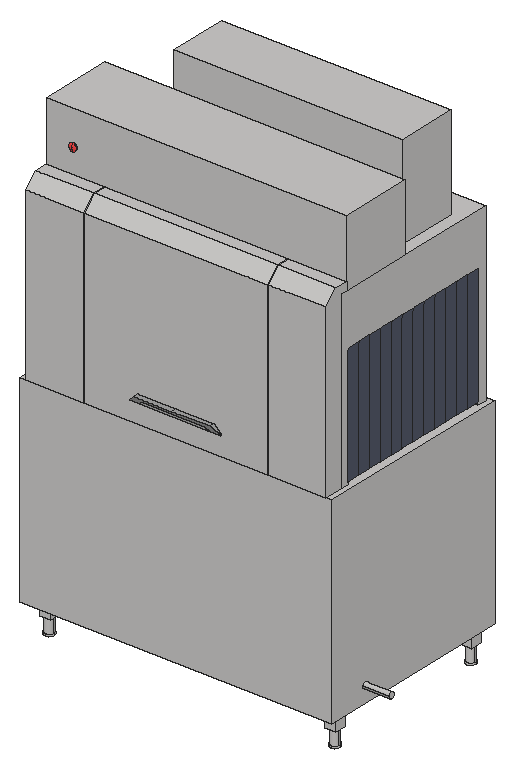
Revit family "QF_ELECTROLUXPROFESSIONAL_520616_ESR20ER3", category Specialty Equipment, Revit 2018
Family settings
  Round Connector Dimension = Use Diameter
  Part Type = Normal
  Work Plane-Based = No
  Always vertical = Yes
  Cut with Voids When Loaded = No
  Shared = No
  Room Calculation Point = No
Parameters (values of type "Standard")
  Weight = 258.00 kg
  Watts = 0 W
  Volts = 220 V
  URL Manufacturer = "http://professional.electrolux.com"
  URL = "http://professional.electrolux.com"
  Steam Supply Size = 0 mm
  Steam Supply Minimum Pressure = 0.0 Pa
  Steam Supply Maximum Pressure = 0.0 Pa
  Steam Pounds per Hour = 0
  Show Clearance [instance] = yes
  Refrigeration Suction Line Size = 0 mm
  Refrigeration Liquid Line Size = 0 mm
  Refrigerant Compressor Remote = yes
  Manufacturer = "Electrolux Professional"
  Phase = 3
  Model = "ESR20ER3"
  Length Actual = 1148 mm  # constant formula
  L_R [instance] = yes
  Item Number = "520616"
  Hot Water Size = 0 mm
  Height Actual = 1846 mm  # constant formula
  HP = "37.5 HP"
  Gas Size = 0 mm
  Gas KW = 0
  Gas Input Pressure = 0 W
  Direct Waste Size = 50.8 mm
  Description = "SINGLE RINSE RACK TYPE DISHWASHER,200 RACKS/HOUR,ELECTRIC,R>L,220-240V/60HZ/3"
  Depth Actual = 800 mm  # constant formula
  Cycle = 60 Hz
  Condensate Return Size = 0 mm
  Compressed Air Volume = 0.0 L/s
  Compressed Air Size = 0 mm
  Compressed Air Pressure = 0.0 Pa
  Cold Water Size = 0 mm
  Accessory = yes
Types (2, lengths in mm): name | URL | Manufacturer | Phase | Model | Description
  (no name) | 0 | 0 | 0 | 0 | 0
  Standard | "http://professional.electrolux.com" | "Electrolux Professional" | 3 | "ESR20ER3" | "SINGLE RINSE RACK TYPE DISHWASHER,200 RACKS/HOUR,ELECTRIC,R>L,220-240V/60HZ/3"
Values of the unnamed type that differ from the named types
  Volts = 0 V
  URL Manufacturer = ""
  Item Number = ""
  Cycle = 0 Hz
Reference planes
  plane 1 "Centro (Fronte/Retro)": y = 0
  plane 2: z = 0
  plane 3 "Centro (Sinistra/Destra)": x = 0
  plane 4 "LEFT": x = -574
  plane 5 "RIGHT": x = 574
  plane 6 "BACK": y = 384
  plane 7 "FRONT": y = -384
  plane 8: z = 120
  plane 9: z = 1747
  plane 10: z = 858
  plane 11: z = 1501
  plane 12: z = 1846
  plane 13: x = -526
  plane 14: x = 526
  plane 15: y = -290
  plane 16: y = 336
  plane 17: y = 369
  plane 18: x = -553
  plane 19: x = 553
  plane 20: y = -318
  plane 21: x = -338
  plane 22: x = 338
  plane 23: z = 1308
  plane 24: z = 2000
  plane 25: y = 464
Forms (mm)
  Extrusion 1, solid, material "QF_Finishes_Stainless Steel"
    sketch origin (0, 0, 0) x (1, 0, 0) y (0, 1, 0)
      loop
        line (-574, 384) -> (-574, -364) -> (574, -364) -> (574, 384) -> (-574, 384)
    from 120 to 858
  Extrusion 2, solid, material "QF_Finishes_Stainless Steel"
    sketch origin (0, 0, 0) x (1, 0, 0) y (0, 1, 0)
      loop
        line (-553, 369) -> (-553, -298) -> (553, -298) -> (553, 369) -> (-553, 369)
    from 858 to 1501
  Extrusion 3, solid, material "QF_Finishes_Stainless Steel"
    sketch origin (0, 20, 0) x (0, 1, 0) y (0, 0, 1)
      loop
        line (-384, 858) -> (-318, 858) -> (-318, 1501) -> (-290, 1501) -> (-290, 1531) -> (-340, 1531) -> (-384, 1487) -> (-384, 858)
    from -553 to -338
  Extrusion 4, solid, material "QF_Finishes_Stainless Steel"
    sketch origin (500, 20, 0) x (0, 1, 0) y (0, 0, 1)
      loop
        line (-384, 858) -> (-318, 858) -> (-318, 1501) -> (-290, 1501) -> (-290, 1531) -> (-340, 1531) -> (-384, 1487) -> (-384, 858)
    from -162 to 53
  Extrusion 5, solid, material "QF_Finishes_Stainless Steel"
    sketch origin (540, 20, 0) x (0, 1, 0) y (0, 0, 1)
      loop
        line (-384, 858) -> (-318, 858) -> (-318, 1501) -> (-290, 1501) -> (-290, 1531) -> (-340, 1531) -> (-384, 1487) -> (-384, 858)
    from -878 to -202
  Extrusion 6, solid, material "QF_Finishes_Gray"
    sketch origin (540, -364, 858) x (0, 0, 1) y (-1, 0, 0)
      loop
        line (100, 540) -> (100, 680) -> (71.716, 708.284) -> (71.716, 371.716) -> (100, 400) -> (100, 540)
    from 0 to 20
  Extrusion 7, void
    sketch origin (540, -384, 858) x (0, 0, -1) y (-1, 0, 0)
      loop
        line (-71.716, 670) -> (-85.858, 655.858) -> (-85.858, 540) -> (-85.858, 424.142) -> (-71.716, 410) -> (-71.716, 670)
    from 0 to 15.552
  Extrusion 8, void
    sketch origin (0, 0, 0) x (0, 1, 0) y (0, 0, 1)
      loop
        line (-368.448, 929.716) -> (-384, 958) -> (-384, 929.716) -> (-368.448, 929.716)
    from -266.002 to 250
  Extrusion 9, solid, material "QF_Finishes_Stainless Steel"
    sketch origin (0, 0, 0) x (1, 0, 0) y (0, 1, 0)
      loop
        line (-553, -270) -> (553, -270) -> (553, 0) -> (-553, 0) -> (-553, -270)
    from 1501 to 1747
  Revolve 10, solid, material "QF_Finishes_Red"
    sketch origin (-450, 0, 0) x (0, 1, 0) y (0, 0, 1)
      loop
        line (-270, 1624.5) -> (-270, 1629.5) -> (-275.578, 1629.5) -> (-275.578, 1638.673) -> (-276.708, 1638.673)
        arc (-276.708, 1638.673) -> (-279.647, 1631.859) -> (-280.606, 1624.5) r 26.817
        line (-280.606, 1624.5) -> (-270, 1624.5)
      axis (-270, 1624.5) -> (-280.606, 1624.5)
    angle from 0 to 360
  Extrusion 11, solid, material "QF_Finishes_Stainless Steel"
    sketch origin (0, 0, 0) x (1, 0, 0) y (0, 1, 0)
      loop
        line (509, 42) -> (509, 265) -> (-334, 265) -> (-334, 42) -> (509, 42)
    from 1501 to 1846
  Extrusion 12, void
    sketch origin (-553, -318, 0) x (0, -1, 0) y (0, 0, -1)
      loop
        line (-654, -1308) -> (-53, -1308) -> (-53, -858) -> (-654, -858) -> (-654, -1308)
    from 0 to 1106
  Extrusion 13, solid, material "QF_Finishes_Navy Blue"
    sketch origin (-553, -318, 0) x (0, 1, 0) y (0, 0, -1)
      loop
        line (653, -1308) -> (653, -868) -> (604, -868) -> (604, -1308) -> (653, -1308)
      loop
        line (53, -1308) -> (102, -1308) -> (102, -868) -> (53, -868) -> (53, -1308)
      loop
        line (602, -868) -> (554, -868) -> (554, -1308) -> (602, -1308) -> (602, -868)
      loop
        line (552, -868) -> (504, -868) -> (504, -1308) -> (552, -1308) -> (552, -868)
      loop
        line (502, -868) -> (454, -868) -> (454, -1308) -> (502, -1308) -> (502, -868)
      loop
        line (452, -868) -> (404, -868) -> (404, -1308) -> (452, -1308) -> (452, -868)
      loop
        line (402, -868) -> (354, -868) -> (354, -1308) -> (402, -1308) -> (402, -868)
      loop
        line (352, -868) -> (304, -868) -> (304, -1308) -> (352, -1308) -> (352, -868)
      loop
        line (302, -868) -> (254, -868) -> (254, -1308) -> (302, -1308) -> (302, -868)
      loop
        line (252, -868) -> (204, -868) -> (204, -1308) -> (252, -1308) -> (252, -868)
      loop
        line (202, -868) -> (154, -868) -> (154, -1308) -> (202, -1308) -> (202, -868)
      loop
        line (152, -868) -> (104, -868) -> (104, -1308) -> (152, -1308) -> (152, -868)
    from 0 to -3
  Extrusion 14, solid, material "QF_Finishes_Navy Blue"
    sketch origin (553, -318, 0) x (0, 1, 0) y (0, 0, 1)
      loop
        line (653, 1308) -> (604, 1308) -> (604, 868) -> (653, 868) -> (653, 1308)
      loop
        line (53, 1308) -> (53, 868) -> (102, 868) -> (102, 1308) -> (53, 1308)
      loop
        line (602, 868) -> (602, 1308) -> (554, 1308) -> (554, 868) -> (602, 868)
      loop
        line (552, 868) -> (552, 1308) -> (504, 1308) -> (504, 868) -> (552, 868)
      loop
        line (502, 868) -> (502, 1308) -> (454, 1308) -> (454, 868) -> (502, 868)
      loop
        line (452, 868) -> (452, 1308) -> (404, 1308) -> (404, 868) -> (452, 868)
      loop
        line (402, 868) -> (402, 1308) -> (354, 1308) -> (354, 868) -> (402, 868)
      loop
        line (352, 868) -> (352, 1308) -> (304, 1308) -> (304, 868) -> (352, 868)
      loop
        line (302, 868) -> (302, 1308) -> (254, 1308) -> (254, 868) -> (302, 868)
      loop
        line (252, 868) -> (252, 1308) -> (204, 1308) -> (204, 868) -> (252, 868)
      loop
        line (202, 868) -> (202, 1308) -> (154, 1308) -> (154, 868) -> (202, 868)
      loop
        line (152, 868) -> (152, 1308) -> (104, 1308) -> (104, 868) -> (152, 868)
    from 0 to -3
  Extrusion 15, solid, material "QF_Door-Drawer Clearances", visible <- "Show Clearance", detail levels coarse
    sketch origin (453, -119.301, 494.86) x (0, 1, 0) y (0, 0, 1)
      loop
        line (-178.699, 1036.14) -> (-178.699, 1475.14) -> (-150.699, 1475.14) -> (-150.699, 1505.14) -> (-200.699, 1505.14) -> (-244.699, 1461.14) -> (-244.699, 992.14) -> (-200.699, 1036.14) -> (-178.699, 1036.14)
    from -791 to -115
  Extrusion 16, solid, material "QF_Clearance", visible <- "Show Clearance", detail levels coarse
    sketch origin (0, 0, 0) x (1, 0, 0) y (0, 1, 0)
      loop
        line (-574, 384) -> (574, 384) -> (574, 464) -> (-574, 464) -> (-574, 384)
    from 0 to 1846
  Extrusion 17, solid, material "QF_Finishes_Stainless Steel"
    sketch origin (-553, -318, 0) x (0, 1, 0) y (0, 0, -1)
      loop
        circle (104, -183) r 10
    from 21 to 121
  Extrusion 18, solid, material "QF_Finishes_Stainless Steel"
    sketch origin (553, -318, 0) x (0, 1, 0) y (0, 0, 1)
      loop
        circle (104, 183) r 10
    from 21 to 121
  Extrusion 19, solid, material "QF_Finishes_Stainless Steel"
    sketch origin (487.887, 0, -4.4) x (-1, 0, 0) y (0, 0, 1)
      loop
        circle (943.887, 1646.362) r 10
    from 0 to 35
  Extrusion 20, solid, material "QF_Finishes_Stainless Steel"
    sketch origin (-335, 265, 6.038) x (1, 0, 0) y (0, 0, -1)
      loop
        circle (204, -1740.962) r 10
    from 0 to 10
Cuts and joins
  Extrusion 7, Extrusion 12 cuts Extrusion 2
  Extrusion 7 cuts Extrusion 5
  Extrusion 7, Extrusion 8 cuts Extrusion 6
  Extrusion 12 cuts Extrusion 1
Lines and regions (mm)
  Split face 1
    outline origin (-553, -270, 0) x (1, 0, 0) y (0, 0, 1)
      loop
        line (215, 1501) -> (215, 1747)
      loop
        line (891, 1501) -> (891, 1747)
  Split face 2
    outline origin (-553, -270, 0) x (1, 0, 0) y (0, 0, 1)
      loop
        line (215, 1651) -> (310, 1651) -> (348.837, 1604.716) -> (553, 1604.716) -> (757.163, 1604.716) -> (796, 1651) -> (891, 1651)
  Split face 3
    outline origin (-553, -270, 0) x (1, 0, 0) y (0, 0, 1)
      loop
        line (482.982, 1651) -> (482.982, 1631) -> (512.982, 1631) -> (512.982, 1651) -> (482.982, 1651)
  Split face 4
    outline origin (553, -270, 0) x (-1, 0, 0) y (0, 0, -1)
      loop
        line (455.982, -1651) -> (485.982, -1651) -> (485.982, -1631) -> (455.982, -1631) -> (455.982, -1651)
  symbolic lines
    curve 1: line (-334, 265, 0) -> (509, 265, 0)
    curve 2: line (-334, 42, 0) -> (-334, 265, 0)
    curve 3: line (509, 42, 0) -> (-334, 42, 0)
    curve 4: line (509, 265, 0) -> (509, 42, 0)
    curve 5: line (-574, 384, 0) -> (574, 384, 0)
    curve 6: line (574, 384, 0) -> (574, -364, 0)
    curve 7: line (574, -364, 0) -> (-574, -364, 0)
    curve 8: line (-574, -364, 0) -> (-574, 384, 0)
    curve 9: line (-553, -364, 0) -> (-553, 369, 0)
    curve 10: line (-553, 369, 0) -> (553, 369, 0)
    curve 11: line (553, 369, 0) -> (553, -364, 0)
    curve 12: line (553, -320, 0) -> (-553, -320, 0)
    curve 13: line (-338, -364, 0) -> (-338, -270, 0)
    curve 14: line (-553, -270, 0) -> (553, -270, 0)
    curve 15: line (338, -364, 0) -> (338, -270, 0)
    curve 16: line (526, 0, 0) -> (-553, 0, 0)
    curve 23: line (-168.284, -364, 0) -> (-168.284, -368.448, 0)
    curve 24: line (-168.284, -368.448, 0) -> (-140, -384, 0)
    curve 25: line (-140, -384, 0) -> (140, -384, 0)
    curve 26: line (140, -384, 0) -> (168.284, -368.448, 0)
    curve 27: line (168.284, -368.448, 0) -> (168.284, -364, 0)
  symbolic lines, style "QF_Clearances"
    curve 17: line (-574, 384, 0) -> (-574, 464, 0)
    curve 18: line (-574, 464, 0) -> (574, 464, 0)
    curve 19: line (574, 384, 0) -> (574, 464, 0)
  symbolic lines, style "SpecialityEquipment"
    curve 20: line (-100, 129, 0) -> (100, 129, 0)
  symbolic lines, style "SpecialityEquipment", visible <- "L_R"
    curve 21: line (-100, 129, 0) -> (-50.207, 87.219, 0)
    curve 22: line (-100, 129, 0) -> (-50.207, 170.781, 0)
Dimensions and locks
  equal spacing: plane 4 "LEFT", plane 3 "Centro (Sinistra/Destra)", plane 5 "RIGHT"
  plane 4 "LEFT" to plane 5 "RIGHT" = 1148 mm
  equal spacing: plane 6 "BACK", plane 1 "Centro (Fronte/Retro)", plane 7 "FRONT"
  plane 6 "BACK" to plane 7 "FRONT" = 768 mm
  plane 12 to plane 9 to plane 11 to plane 10 to plane 8 to plane 2 = 99 mm, 246 mm, 643 mm, 738 mm, 120 mm
  plane 12 to plane 2 = 1846 mm
  locked: plane 4 "LEFT" to plane 13 at 48
  locked: plane 14 to plane 5 "RIGHT" at 48
  locked: plane 6 "BACK" to plane 16 at 48
  locked: plane 15 to plane 7 "FRONT" at 94
  locked: plane 6 "BACK" to plane 17 at 15
  locked: plane 4 "LEFT" to plane 18 at 21
  locked: plane 19 to plane 5 "RIGHT" at 21
  locked: plane 20 to plane 7 "FRONT" at 66
  locked: plane 21 to plane 18 at 215
  locked: plane 19 to plane 22 at 215
  locked: plane 23 to plane 10 at 450
  plane 24 to plane 2 = 2000 mm
  locked: plane 6 "BACK" to plane 25 at 80
  plane 9 to plane 2 = 1747 mm
  aligned and locked: level to plane 2
  aligned and locked: plane 13 to nested 1
  aligned and locked: nested 1 to plane 15
  aligned and locked: nested 2 to plane 16
  aligned and locked: plane 14 to nested 3
  aligned and locked: nested 4 to plane 16
  aligned and locked: plane 14 to nested 4
  aligned and locked: Extrusion 1 sketch curve to plane 6 "BACK"
  aligned and locked: plane 4 "LEFT" to Extrusion 1 sketch curve
  aligned and locked: Extrusion 1 sketch curve to plane 5 "RIGHT"
  aligned and locked: plane 18 to Extrusion 2 sketch curve
  aligned and locked: Extrusion 2 sketch curve to plane 19
  aligned and locked: Extrusion 2 sketch curve to plane 17
  aligned and locked: Extrusion 3 to plane 18
  aligned and locked: plane 21 to Extrusion 3
  aligned and locked: plane 19 to Extrusion 4
  aligned and locked: Extrusion 4 to plane 22
  aligned and locked: Extrusion 5 to plane 21
  aligned and locked: plane 22 to Extrusion 5
  aligned and locked: Extrusion 2 to Extrusion 3
  aligned and locked: Extrusion 1 to Extrusion 3
  aligned and locked: Extrusion 9 sketch curve to Extrusion 3
  aligned and locked: Extrusion 9 sketch curve to plane 18
  aligned and locked: Extrusion 9 sketch curve to plane 1 "Centro (Fronte/Retro)"
  aligned and locked: plane 19 to Extrusion 12
  aligned and locked: plane 4 "LEFT" to Extrusion 17
  aligned and locked: plane 19 to Extrusion 9
  aligned and locked: Extrusion 16 to plane 25
  aligned and locked: plane 9 to Extrusion 9
Automatic sketch dimensions
  plane 7 "FRONT" to Extrusion 1 sketch curve = 20 mm
  Extrusion 2 sketch curve to plane 15 = 8 mm
  Extrusion 3 sketch curve to plane 10 = 0 mm
  Extrusion 3 sketch curve to plane 11 = 0 mm
  plane 7 "FRONT" to Extrusion 3 sketch curve = 20 mm
  Extrusion 3 sketch curve to plane 20 = 2 mm
  Extrusion 3 sketch curve to plane 15 = 8 mm
  plane 15 to Extrusion 3 sketch curve = 20 mm
  Extrusion 3 sketch curve to plane 11 = 14 mm
  plane 11 to Extrusion 3 sketch curve = 30 mm
  Extrusion 4 sketch curve to plane 10 = 0 mm
  Extrusion 4 sketch curve to plane 11 = 0 mm
  plane 7 "FRONT" to Extrusion 4 sketch curve = 20 mm
  Extrusion 4 sketch curve to plane 20 = 2 mm
  Extrusion 4 sketch curve to plane 15 = 8 mm
  plane 15 to Extrusion 4 sketch curve = 20 mm
  Extrusion 4 sketch curve to plane 11 = 14 mm
  plane 11 to Extrusion 4 sketch curve = 30 mm
  Extrusion 5 sketch curve to plane 10 = 0 mm
  Extrusion 5 sketch curve to plane 11 = 0 mm
  plane 7 "FRONT" to Extrusion 5 sketch curve = 20 mm
  Extrusion 5 sketch curve to plane 20 = 2 mm
  Extrusion 5 sketch curve to plane 15 = 8 mm
  plane 15 to Extrusion 5 sketch curve = 20 mm
  Extrusion 5 sketch curve to plane 11 = 14 mm
  plane 11 to Extrusion 5 sketch curve = 30 mm
  Extrusion 6 sketch curve to plane 3 "Centro (Sinistra/Destra)" = 0 mm
  plane 10 to Extrusion 6 sketch curve = 71.716 mm
  Extrusion 6 sketch curve to Extrusion 6 sketch curve = 28.284 mm  (x3)
  plane 3 "Centro (Sinistra/Destra)" to Extrusion 6 sketch curve = 140 mm
  Extrusion 6 sketch curve to Extrusion 6 sketch curve = 140 mm
  Extrusion 7 sketch curve to Extrusion 6 = 0 mm
  Extrusion 6 to Extrusion 7 sketch curve = 14.142 mm
  Extrusion 6 to Extrusion 7 sketch curve = 27.071 mm
  Extrusion 7 sketch curve to Extrusion 7 sketch curve = 14.142 mm  (x2)
  Extrusion 7 sketch curve to Extrusion 7 sketch curve = 115.858 mm  (x2)
  Extrusion 8 sketch curve to plane 7 "FRONT" = 0 mm
  plane 7 "FRONT" to Extrusion 8 sketch curve = 15.552 mm
  plane 10 to Extrusion 8 sketch curve = 71.716 mm
  Extrusion 8 sketch curve to Extrusion 8 sketch curve = 28.284 mm
  Extrusion 9 sketch curve to plane 19 = 0 mm
  Split face 1 sketch curve to Extrusion 9 = 0 mm  (x4)
  Split face 1 sketch curve to Extrusion 9 = 215 mm  (x2)
  Split face 2 sketch curve to Extrusion 9 = 96 mm  (x2)
  Split face 2 sketch curve to Extrusion 9 = 310 mm
  Split face 2 sketch curve to Split face 2 sketch curve = 38.837 mm  (x2)
  Split face 2 sketch curve to Split face 2 sketch curve = 204.163 mm  (x2)
  Split face 2 sketch curve to Extrusion 9 = 103.716 mm
  Split face 2 sketch curve to Split face 2 sketch curve = 95 mm  (x2)
  Split face 3 sketch curve to Extrusion 9 = 116 mm
  Split face 3 sketch curve to Extrusion 9 = 482.982 mm
  Split face 3 sketch curve to Split face 3 sketch curve = 30 mm
  Split face 3 sketch curve to Split face 3 sketch curve = 20 mm
  Split face 4 sketch curve to Extrusion 9 = 116 mm
  Split face 4 sketch curve to Extrusion 9 = 455.982 mm
  Split face 4 sketch curve to Split face 4 sketch curve = 30 mm
  Split face 4 sketch curve to Split face 4 sketch curve = 20 mm
  plane 15 to Revolve 10 sketch curve = 9.394 mm
  plane 15 to Revolve 10 sketch curve = 13.292 mm
  Revolve 10 sketch curve to Revolve 10 sketch curve = 5.028 mm
  Revolve 10 sketch curve to Revolve 10 sketch curve = 5.578 mm
  Revolve 10 sketch curve to Revolve 10 sketch curve = 16.21 mm
  Revolve 10 sketch curve to plane 9 = 122.5 mm  (x2)
  Revolve 10 sketch curve to Revolve 10 sketch curve = 0.248 mm
  Revolve 10 sketch curve to Revolve 10 sketch curve = 5 mm
  Revolve 10 sketch curve to plane 7 "FRONT" = 66 mm
  Revolve 10 sketch curve to Revolve 10 sketch curve = 0 mm
  plane 21 to Extrusion 11 sketch curve = 4 mm
  Extrusion 11 sketch curve to plane 14 = 17 mm
  Extrusion 11 sketch curve to plane 1 "Centro (Fronte/Retro)" = 42 mm
  Extrusion 11 sketch curve to plane 16 = 71 mm
  Extrusion 2 to Extrusion 12 sketch curve = 0 mm
  Extrusion 12 sketch curve to Extrusion 2 = 33 mm
  Extrusion 2 to Extrusion 12 sketch curve = 33 mm
  Extrusion 12 sketch curve to Extrusion 2 = 193 mm
  Extrusion 2 to Extrusion 13 sketch curve = 10 mm  (x9)
  Extrusion 13 sketch curve to Extrusion 2 = 33 mm
  Extrusion 13 sketch curve to Extrusion 13 sketch curve = 49 mm
  Extrusion 13 sketch curve to Extrusion 13 sketch curve = 2 mm  (x11)
  Extrusion 13 sketch curve to Extrusion 13 sketch curve = 48 mm  (x10)
  Extrusion 2 to Extrusion 13 sketch curve = 34 mm
  Extrusion 13 sketch curve to Extrusion 13 sketch curve = 0 mm  (x13)
  Extrusion 2 to Extrusion 13 sketch curve = 193 mm  (x2)
  Extrusion 14 sketch curve to plane 23 = 0 mm  (x12)
  plane 10 to Extrusion 14 sketch curve = 10 mm  (x9)
  plane 15 to Extrusion 14 sketch curve = 25 mm
  Extrusion 14 sketch curve to Extrusion 14 sketch curve = 49 mm
  Extrusion 14 sketch curve to Extrusion 14 sketch curve = 2 mm  (x11)
  Extrusion 14 sketch curve to Extrusion 14 sketch curve = 48 mm  (x8)
  plane 1 "Centro (Fronte/Retro)" to Extrusion 14 sketch curve = 16 mm
  Extrusion 14 sketch curve to plane 1 "Centro (Fronte/Retro)" = 34 mm
  Extrusion 14 sketch curve to plane 16 = 1 mm
  Extrusion 14 sketch curve to Extrusion 14 sketch curve = 0 mm  (x3)
  Extrusion 15 sketch curve to plane 24 = 0 mm
  plane 7 "FRONT" to Extrusion 15 sketch curve = 20 mm
  Extrusion 15 sketch curve to plane 20 = 2 mm  (x2)
  Extrusion 15 sketch curve to plane 15 = 8 mm
  plane 15 to Extrusion 15 sketch curve = 20 mm
  Extrusion 15 sketch curve to plane 24 = 30 mm
  Extrusion 15 sketch curve to plane 24 = 44 mm
  plane 11 to Extrusion 15 sketch curve = 30 mm
  Extrusion 15 sketch curve to plane 11 = 14 mm
  Extrusion 16 sketch curve to plane 4 "LEFT" = 0 mm
  Extrusion 16 sketch curve to plane 5 "RIGHT" = 0 mm
  Extrusion 16 sketch curve to plane 6 "BACK" = 0 mm
  plane 25 to Extrusion 16 sketch curve = 0 mm
  Extrusion 17 sketch curve to Extrusion 2 = 84 mm
  Extrusion 17 sketch curve to Extrusion 2 = 675 mm
  plane 15 to Extrusion 18 sketch curve = 76 mm
  plane 8 to Extrusion 18 sketch curve = 63 mm
  plane 13 to Extrusion 19 sketch curve = 70 mm
  Extrusion 19 sketch curve to plane 9 = 105.038 mm
  Extrusion 11 to Extrusion 20 sketch curve = 99 mm
  Extrusion 20 sketch curve to Extrusion 11 = 203 mm
  curve 18 to plane 4 "LEFT" = 0 mm
  curve 12 to plane 18 = 0 mm
  curve 13 to plane 21 = 0 mm
  curve 24 to plane 7 "FRONT" = 0 mm
  curve 15 to plane 22 = 0 mm
  plane 1 "Centro (Fronte/Retro)" to curve 16 = 0 mm
  curve 16 to plane 14 = 0 mm
  plane 17 to curve 11 = 0 mm
  curve 11 to plane 19 = 0 mm
  curve 5 to plane 5 "RIGHT" = 0 mm
  curve 5 to plane 6 "BACK" = 0 mm
  plane 25 to curve 18 = 0 mm
  plane 21 to curve 2 = 4 mm
  plane 7 "FRONT" to curve 24 = 15.552 mm
  curve 24 to plane 3 "Centro (Sinistra/Destra)" = 168.284 mm
  curve 23 to curve 24 = 28.284 mm
  curve 22 to plane 3 "Centro (Sinistra/Destra)" = 100 mm
  plane 3 "Centro (Sinistra/Destra)" to curve 25 = 140 mm
  curve 4 to plane 14 = 17 mm
  curve 2 to plane 1 "Centro (Fronte/Retro)" = 42 mm
  curve 22 to plane 1 "Centro (Fronte/Retro)" = 129 mm
  curve 1 to plane 16 = 71 mm
  curve 22 to plane 3 "Centro (Sinistra/Destra)" = 50.207 mm
  curve 21 to plane 3 "Centro (Sinistra/Destra)" = 50.207 mm
  plane 3 "Centro (Sinistra/Destra)" to curve 20 = 100 mm
  curve 25 to curve 27 = 28.284 mm
  plane 7 "FRONT" to curve 26 = 15.552 mm
  curve 26 to curve 27 = 4.448 mm
  curve 12 to plane 20 = 2 mm
  plane 15 to curve 15 = 20 mm
  curve 21 to curve 20 = 41.781 mm
  curve 20 to curve 22 = 41.781 mm
  radius of Extrusion 17 sketch curve = 10 mm
  radius of Extrusion 18 sketch curve = 10 mm
  radius of Extrusion 19 sketch curve = 10 mm
  radius of Extrusion 20 sketch curve = 10 mm
Nested families
  nested 1: "Foot_40x40_H150" at (-526, -290, 0), type "Foot_40x40_H150"
  nested 2: "Foot_40x40_H150" at (-526, 336, 0), type "Foot_40x40_H150"
  nested 3: "Foot_40x40_H150" at (526, -290, 0), type "Foot_40x40_H150"
  nested 4: "Foot_40x40_H150" at (526, 336, 0), type "Foot_40x40_H150"
Connectors
  piping at (-674, -214, 183), diameter 20
    settings: on Extrusion 17, index 1, connector inside diameter 609.6 mm, connector length 0 mm, flow factor 0, pipe flow 0.0 L/s, pressure drop 0.0 Pa, fitting loss kfactor 0, connector angle 0.00°, fixture units 0, engagement length 0 mm, angle of deflection 0.00°, flow configuration 1, flow direction 2, fitting loss method 0, system type 16, joint type 0, gender type 0, connector reference index -1, connector utility 0, adjustable connector no, is connector primary yes, connector description "Drain"
  piping at (674, -214, 183), diameter 20
    settings: on Extrusion 18, index 2, connector inside diameter 609.6 mm, connector length 0 mm, flow factor 0, pipe flow 0.0 L/s, pressure drop 0.0 Pa, fitting loss kfactor 0, connector angle 0.00°, fixture units 0, engagement length 0 mm, angle of deflection 0.00°, flow configuration 1, flow direction 2, fitting loss method 0, system type 16, joint type 0, gender type 0, connector reference index -1, connector utility 0, adjustable connector no, is connector primary no, connector description "Drain"
  electrical at (-456, 35, 1641.962)
    settings: on Extrusion 19, index 3, voltage 0 V, apparent load 0 VA, apparent load phase1 0 VA, apparent load phase2 0 VA, apparent load phase3 0 VA, power factor 1, load classification "Altro", number of poles 1, system type 30, power factor state 1, is connector primary yes, connector utility no, sub classification motor no, connector description "Electrical"
  piping at (-131, 275, 1747), diameter 609.6
    settings: on Extrusion 20, index 4, connector inside diameter 609.6 mm, connector length 0 mm, flow factor 0, pipe flow 0.0 L/s, pressure drop 0.0 Pa, fitting loss kfactor 0, connector angle 0.00°, fixture units 0, engagement length 0 mm, angle of deflection 0.00°, flow configuration 0, flow direction 0, fitting loss method 0, system type 20, joint type 0, gender type 0, connector reference index -1, connector utility 0, adjustable connector no, is connector primary no, connector description "Cold Water"
Definition of nested family "Foot_40x40_H150"
  Reference planes
    plane 1 "Centro (Fronte/Retro)": y = 0
    plane 2: z = 0
    plane 3 "Centro (Sinistra/Destra)": x = 0
    plane 4: z = 120
  Forms (mm)
    Extrusion 1, solid
      sketch origin (0, 0, 0) x (1, 0, 0) y (0, 1, 0)
        loop
          circle (0, 0) r 18
      from 0 to 5
    Extrusion 2, solid
      sketch origin (0, 0, 5) x (1, 0, 0) y (0, 1, 0)
        loop
          circle (0, 0) r 15
      from 0 to 55
    Extrusion 3, solid
      sketch origin (0, 0, 60) x (1, 0, 0) y (0, 1, 0)
        loop
          line (-20, 20) -> (-20, -20) -> (20, -20) -> (20, 20) -> (-20, 20)
      from 0 to 60
  Dimensions and locks
    aligned and locked: level to plane 2
    aligned and locked: plane 4 to Extrusion 3
    aligned and locked: Extrusion 1 to level
